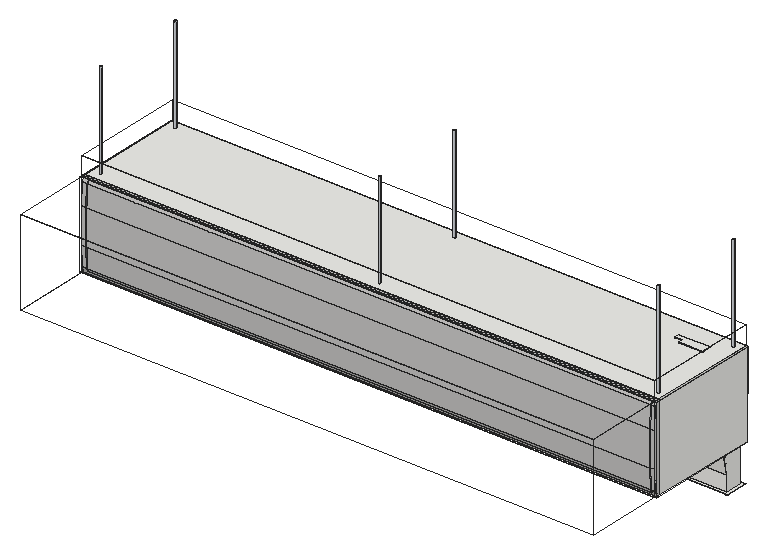
Revit family "AIRTECNICS_AIR CURTAIN_FLY KXL_AIR ONLY (A)123", category Equipos mecánicos, Revit 2016
Family settings
  Tipo de pieza = Normal
  Cota de conector redondo = Diámetro de uso
  Número OmniClass = 23.75.70.21.17
  Título OmniClass = Air Curtains
  Se basa en plano de trabajo = No
  Siempre vertical = Sí
  Corte con vacíos al cargar = No
  Compartido = No
  Punto de cálculo de habitación = No
Parameters (values of type "FLY KXL 3000 A")
  · OTHERS · [instance] = "-/ Select Supports - Inst.Maint. Space /-"  # constant formula
  · INSTALLATION CONFIGURATION · [instance] = "Horizontal"  # constant formula
  · HEATING · [instance] = "-/ Heating /-"  # constant formula
  · GRILLE TYPOLOGY · [instance] = "-/ Select one Grille Typology /-"  # constant formula
  Weight [instance] = size_lookup(Name_Lookup_Data, "Weight", 1.00 kg, CM, CT)  # 237.00 kg
  Voltage [instance] = 230 V  # constant formula
  URL_Manufacturer = "https://www.airtecnics.com"
  URL_Datasheet = "https://www.airtecnics.com/download/file/6905/fly-kxl.pdf"
  Supports Length [instance] = 500.00 mm
  Supports (Horizontal) [instance] = yes
  Revit Version = "Revit 2016 - English"  # constant formula
  Review Date = "01/19"  # constant formula
  Remote Control = "-"  # constant formula
  Product Size = if(CT = 2, "1000", if(CT = 4, "1500", if(CT = 8, "2000", if(CT = 16, "2500", if(CT = 32, "3000", "Consult Manufacturer")))))  # "3000"
  Product Reference [instance] = size_lookup(Name_Lookup_Ref, "", "Consult Manufacturer", CM, CT)  # "FLY KXL 3000 A"
  Product Heating [instance] = "Air"  # constant formula
  Product Description [instance] = size_lookup(Name_Lookup_Data, "", "Consult Manufacturer", CM, CT)  # "Specially designed for insects control at entranceways such as food establishments and industry, hospitals or clean zones.\r\nHigh velocity air barrier to prevent flying insects from entering a building.\r\nUp to 4 meters height doors according to NSF 37 standard.\r\nSelf-supporting casing construction made of galvanized steel plate, finished in structural epoxy-polyester painting white colour RAL9016 as standard. Other colours or stainless steel are available on request. \r\nLarge faceted inlet grille avoiding intensive maintenance. \r\nIncludes antiinsects outlet kit with anodized aluminium outlet vanes, airfoil shaped, adjustable from 0 to 15º each side.\r\nDouble-inlet centrifugal fans driven by an external rotor motor and low noise level. 5-speed selector. \r\n“A” type without heating, air only. \r\nIncludes Plug&Play Hand Auto control with 10m RJ45 cable and magnetical door contact. Optional: Clever control (programmable, automatic, intelligent, energy saving, Modbus RTU for BMS…)\r\nAir Volume: 15900 m3/h \r\nFans:  4,2 kW  18 A 230Vx1 50Hz\r\nDimensions: 600x650x3000 mm (depth, height, length)"
  Power Fans Factor [instance] = size_lookup(Name_Lookup_Data, "Power Fans Factor", 1, CM, CT)  # 0.97
  Power Fans [instance] = size_lookup(Name_Lookup_Data, "Power Fans", 1 kW, CM, CT)  # 4.2 kW
  Noise Level (dB(A)) [instance] = size_lookup(Name_Lookup_Data, "Noise Level (dB(A))", 1, CM, CT)  # 69
  Name_Lookup_Ref = "FLY KXL_(A)_Ref_Lookup"  # constant formula
  Name_Lookup_Data = "FLY KXL_(A)_Data_Lookup"  # constant formula
  Maximum Installation Height = 4000.00 mm  # constant formula
  Material Curtain [instance] = AIRTECNICS_White RAL 9016
  Length = L + Depth - Depth  # 3000.00 mm
  KI [instance] = yes
  K [instance] = not(KI)  # no
  IfcExportType = "CENTRIFUGALFORWARDCURVED"  # constant formula
  IfcExportAs = "IfcFanType"  # constant formula
  Horizontal [instance] = 1 = 1  # yes
  Height = 650.00 mm  # constant formula
  Frequency = 50 Hz  # constant formula
  Fans Stage = 5  # constant formula
  Family Version = "1.0"  # constant formula
  Depth = 600.00 mm  # constant formula
  Current Fans [instance] = size_lookup(Name_Lookup_Data, "Current Fans", 1 A, CM, CT)  # 18 A
  Created by = "BIMETRICAL"  # constant formula
  Control [instance] = "CH-5HW-NE"  # constant formula
  Cable = "CB10"  # constant formula
  URL = "https://www.airtecnics.com/products/air-curtain-fly-kxl"
  Modelo = "Air curtain Fly KXL"  # constant formula
  L = 3000.00 mm
  Imagen de tipo = <Ninguno>
  Fabricante = "AIRTECNICS"  # constant formula
  Description = ""
  Type Comments = "Specially designed for insects control at entranceways such as food establishments and industry, hospitals or clean zones.\r\nHigh velocity air barrier to prevent flying insects from entering a building.\r\nUp to 4 meters height doors according to NSF 37 standard.\r\nSelf-supporting casing construction made of galvanized steel plate, finished in structural epoxy-polyester painting white colour RAL9016 as standard. Other colours or stainless steel are available on request.\r\nLarge faceted inlet grille avoiding intensive maintenance.\r\nIncludes antiinsects outlet kit with anodized aluminium outlet vanes, airfoil shaped, adjustable from 0 to 15º each side.\r\nIncludes Plug&Play Hand Auto control with 10m RJ45 cable and magnetical door contact. Optional: Clever control (programmable, automatic, intelligent, energy saving, Modbus RTU for BMS…)\r\n"  # constant formula
  CT = if(L = 1000.00 mm, 2, 0) + if(L = 1500.00 mm, 4, 0) + if(L = 2000.00 mm, 8, 0) + if(L = 2500.00 mm, 16, 0) + if(L = 3000.00 mm, 32, 0)  # 32
  CM = 12  # constant formula
  BIMETRICAL Category = "Fan"  # constant formula
  BIMETRICAL = "http://www.bimetrical.com/"  # constant formula
  Aspiration/Maintenance Space [instance] = yes
  Apparent Load [instance] = size_lookup(Name_Lookup_Data, "Apparent Load", 1 VA, CM, CT)  # 4330 VA
  Airflow [instance] = size_lookup(Name_Lookup_Data, "Airflow", 1 m³/h, CM, CT)  # 15900 m³/h
  A [instance] = 1 = 1  # yes
Types (5, lengths in mm): name | Weight | Product Size | Product Reference | Product Description | Power Fans | Noise Level (dB(A)) | Length | KI | K | Current Fans | L | CT | Apparent Load | Airflow
  FLY KXL 3000 A | 237.00 kg | "3000" | "FLY KXL 3000 A" | "Specially designed for insects control at entranceways such as food establishments and industry, hospitals or clean zones.\r\nHigh velocity air barrier to prevent flying insects from entering a building.\r\nUp to 4 meters height doors according to NSF 37 standard.\r\nSelf-supporting casing construction made of galvanized steel plate, finished in structural epoxy-polyester painting white colour RAL9016 as standard. Other colours or stainless steel are available on request. \r\nLarge faceted inlet grille avoiding intensive maintenance. \r\nIncludes antiinsects outlet kit with anodized aluminium outlet vanes, airfoil shaped, adjustable from 0 to 15º each side.\r\nDouble-inlet centrifugal fans driven by an external rotor motor and low noise level. 5-speed selector. \r\n“A” type without heating, air only. \r\nIncludes Plug&Play Hand Auto control with 10m RJ45 cable and magnetical door contact. Optional: Clever control (programmable, automatic, intelligent, energy saving, Modbus RTU for BMS…)\r\nAir Volume: 15900 m3/h \r\nFans:  4,2 kW  18 A 230Vx1 50Hz\r\nDimensions: 600x650x3000 mm (depth, height, length)" | 4.2 kW | 69 | 3000.00 | yes | no | 18 A | 3000.00 | 32 | 4330 VA | 15900 m³/h
  FLY KXL 2500 A | 197.00 kg | "2500" | "FLY KXL 2500 A" | "Specially designed for insects control at entranceways such as food establishments and industry, hospitals or clean zones.\r\nHigh velocity air barrier to prevent flying insects from entering a building.\r\nUp to 4 meters height doors according to NSF 37 standard.\r\nSelf-supporting casing construction made of galvanized steel plate, finished in structural epoxy-polyester painting white colour RAL9016 as standard. Other colours or stainless steel are available on request. \r\nLarge faceted inlet grille avoiding intensive maintenance. \r\nIncludes antiinsects outlet kit with anodized aluminium outlet vanes, airfoil shaped, adjustable from 0 to 15º each side.\r\nDouble-inlet centrifugal fans driven by an external rotor motor and low noise level. 5-speed selector. \r\n“A” type without heating, air only. \r\nIncludes Plug&Play Hand Auto control with 10m RJ45 cable and magnetical door contact. Optional: Clever control (programmable, automatic, intelligent, energy saving, Modbus RTU for BMS…)\r\nAir Volume: 13250 m3/h \r\nFans:  3,5 kW  15 A 230Vx1 50Hz\r\nDimensions: 600x650x2500 mm (depth, height, length)" | 3.5 kW | 68 | 2500.00 | no | yes | 15 A | 2500.00 | 16 | 3608 VA | 13250 m³/h
  FLY KXL 2000 A | 161.00 kg | "2000" | "FLY KXL 2000 A" | "Specially designed for insects control at entranceways such as food establishments and industry, hospitals or clean zones.\r\nHigh velocity air barrier to prevent flying insects from entering a building.\r\nUp to 4 meters height doors according to NSF 37 standard.\r\nSelf-supporting casing construction made of galvanized steel plate, finished in structural epoxy-polyester painting white colour RAL9016 as standard. Other colours or stainless steel are available on request. \r\nLarge faceted inlet grille avoiding intensive maintenance. \r\nIncludes antiinsects outlet kit with anodized aluminium outlet vanes, airfoil shaped, adjustable from 0 to 15º each side.\r\nDouble-inlet centrifugal fans driven by an external rotor motor and low noise level. 5-speed selector. \r\n“A” type without heating, air only. \r\nIncludes Plug&Play Hand Auto control with 10m RJ45 cable and magnetical door contact. Optional: Clever control (programmable, automatic, intelligent, energy saving, Modbus RTU for BMS…)\r\nAir Volume: 10600 m3/h \r\nFans:  2,8 kW  12 A 230Vx1 50Hz\r\nDimensions: 600x650x2000 mm (depth, height, length)" | 2.8 kW | 67 | 2000.00 | no | yes | 12 A | 2000.00 | 8 | 2887 VA | 10600 m³/h
  FLY KXL 1500 A | 120.00 kg | "1500" | "FLY KXL 1500 A" | "Specially designed for insects control at entranceways such as food establishments and industry, hospitals or clean zones.\r\nHigh velocity air barrier to prevent flying insects from entering a building.\r\nUp to 4 meters height doors according to NSF 37 standard.\r\nSelf-supporting casing construction made of galvanized steel plate, finished in structural epoxy-polyester painting white colour RAL9016 as standard. Other colours or stainless steel are available on request. \r\nLarge faceted inlet grille avoiding intensive maintenance. \r\nIncludes antiinsects outlet kit with anodized aluminium outlet vanes, airfoil shaped, adjustable from 0 to 15º each side.\r\nDouble-inlet centrifugal fans driven by an external rotor motor and low noise level. 5-speed selector. \r\n“A” type without heating, air only. \r\nIncludes Plug&Play Hand Auto control with 10m RJ45 cable and magnetical door contact. Optional: Clever control (programmable, automatic, intelligent, energy saving, Modbus RTU for BMS…)\r\nAir Volume: 7950 m3/h \r\nFans:  2,1 kW  9 A 230Vx1 50Hz\r\nDimensions: 600x650x1500 mm (depth, height, length)" | 2.1 kW | 66 | 1500.00 | no | yes | 9 A | 1500.00 | 4 | 2165 VA | 7950 m³/h
  FLY KXL 1000 A | 80.00 kg | "1000" | "FLY KXL 1000 A" | "Specially designed for insects control at entranceways such as food establishments and industry, hospitals or clean zones.\r\nHigh velocity air barrier to prevent flying insects from entering a building.\r\nUp to 4 meters height doors according to NSF 37 standard.\r\nSelf-supporting casing construction made of galvanized steel plate, finished in structural epoxy-polyester painting white colour RAL9016 as standard. Other colours or stainless steel are available on request. \r\nLarge faceted inlet grille avoiding intensive maintenance. \r\nIncludes antiinsects outlet kit with anodized aluminium outlet vanes, airfoil shaped, adjustable from 0 to 15º each side.\r\nDouble-inlet centrifugal fans driven by an external rotor motor and low noise level. 5-speed selector. \r\n“A” type without heating, air only. \r\nIncludes Plug&Play Hand Auto control with 10m RJ45 cable and magnetical door contact. Optional: Clever control (programmable, automatic, intelligent, energy saving, Modbus RTU for BMS…)\r\nAir Volume: 5300 m3/h \r\nFans:  1,4 kW  6 A 230Vx1 50Hz\r\nDimensions: 600x650x1000 mm (depth, height, length)" | 1.4 kW | 65 | 1000.00 | no | yes | 6 A | 1000.00 | 2 | 1443 VA | 5300 m³/h
Reference planes
  plane 1 "Centro (Frontal/Posterior)": z = 0
  plane 2: y = 246.57
  plane 3 "Centro (Izquierda/Derecha)": x = 0
  plane 4: z = 0
Lines and regions (mm)
  reference lines
    curve 1: line (0, 246.57, -130) -> (0, 246.57, 0)
Dimensions and locks
  plane 4 to plane 1 "Centro (Frontal/Posterior)" = 0.00 mm
  nested 1 to nested 1 = 0.00 mm
  angle plane 1 "Centro (Frontal/Posterior)" to curve 1 = 90.00°
Nested families
  nested 1: "GEOM_FLY KLXL" at (0, 0, -130), K <- "K", KI <- "KI", Support Length <- "Supports Length", Aspiration/Maintenance Space <- "Aspiration/Maintenance Space", Supports (Horizontal) <- "Supports (Horizontal)", type "GEOM_FLY KLXL"
    with VSSL yes, VSSC yes, Supports (Horizontal) yes, Support Length 500.00 mm, Outlet Kit Length 0.00 mm, OK no, L6 30.00 mm, L4 2955.00 mm, L3 500.00 mm, L2 86.70 mm, L1* 983.00 mm, L1 1008.50 mm, KI yes, K no, Inlet Kit Length 0.00 mm, Grille none, Free Hanging yes, CG 4, CC 0, Aspiration/Maintenance Space yes, L 3000.00 mm
Connectors
  electrical at (1287.857, 410.313, 321), driven by "Voltage", driven by "Apparent Load", driven by "Power Fans Factor"
    settings: on nested 1, index 1, voltage 230 V, apparent load 4330 VA, apparent load phase1 0 VA, apparent load phase2 0 VA, apparent load phase3 0 VA, power factor 0.97, load classification "HVAC", number of poles 1, system type 30, power factor state 1, is connector primary yes, connector utility no, sub classification motor no, connector description ""
Definition of nested family "GEOM_FLY KLXL"
  Parameters (values of type "GEOM_FLY KLXL")
    VSSL [instance] = if(and([Supports (Horizontal)], Free Hanging, [Supports (Horizontal)], Support Length > 0.00 mm), 1 = 1, 1 = 0)  # yes
    VSSC [instance] = if(and([Supports (Horizontal)], Free Hanging, [Supports (Horizontal)], Support Length > 0.00 mm, L > 1000.00 mm), 1 = 1, 1 = 0)  # yes
    Supports (Horizontal) [instance] = yes
    Support Length [instance] = 100.00 mm
    Revit Version = "Revit 2016 - English"  # constant formula
    Review Date = "01/19"  # constant formula
    Material = none
    L6 [instance] = if(CG < 4, 14.40 mm, 30.00 mm)  # 30.00 mm
    L4 [instance] = L - 8.00 mm - 37.00 mm  # 2455.00 mm
    L1* [instance] = if(L < 2500.00 mm, 0.00 mm, if(L = 2500.00 mm, 825.00 mm, 983.00 mm))  # 825.00 mm
    KI [instance] = not(K)  # yes
    L2 [instance] = 86.70 mm  # constant formula
    L3 [instance] = if(Support Length = 0.00 mm, 0.00 mm, Support Length)  # 100.00 mm
    L1 [instance] = if(L < 2500.00 mm, (L / 2), if(L = 2500.00 mm, 837.50 mm, 1008.50 mm))  # 837.50 mm
    K [instance] = no
    OK [instance] = if(or(CC = 2, CC = 4, CC = 16), 1 = 1, 1 = 0)  # yes
    Grille KI = GEOM_WINDBOX LXL_GRILLE : KI
    Grille K = GEOM_WINDBOX LXL_GRILLE : KB
    Grille [instance] = if(KI, Grille KI, Grille K)  # GEOM_WINDBOX LXL_GRILLE : KI
    Free Hanging [instance] = 1 = 1  # yes
    Family Version = "1.0"  # constant formula
    Default Elevation = 1219.20 mm
    Created by = "BIMETRICAL"  # constant formula
    CG [instance] = if(KI, 4, 8)  # 4
    CC [instance] = 2
    URL = ""
    Model = "Air curtain FLY KL"  # constant formula
    L = 2500.00 mm
    Type Image = (empty or 0)
    Manufacturer = "AIRTECNICS"  # constant formula
    Outlet Kit Length [instance] = 0.00 mm  # constant formula
    Inlet Kit Length [instance] = 0.00 mm  # constant formula
    Description = "AIRTECNICS_Air curtain FLY KL"  # constant formula
    Type Comments = ""
    BIMETRICAL Category = "Fan"  # constant formula
    BIMETRICAL = "http://www.bimetrical.com/"  # constant formula
    Aspiration/Maintenance Space [instance] = no
  Types (2, lengths in mm): name | VSSL | VSSC | Supports (Horizontal) | L4 | L1* | L1 | OK | CC | L
    GEOM_FLY KLXL | yes | yes | yes | 2455.00 | 825.00 | 837.50 | yes | 2 | 2500.00
    GEOM_FLY KL | no | no | no | 2955.00 | 983.00 | 1008.50 | no | 0 | 3000.00
  Reference planes
    plane 1 "Centro (Frontal/Posterior)": z = 0
    plane 2: y = 246.57
    plane 3 "Centro (Izquierda/Derecha)": x = 0
    plane 4: z = 450
    plane 5: x = -1250
    plane 6: x = 1250
    plane 7: x = -1210
    plane 8: x = 1210
    plane 9: z = 0
    plane 10: z = 130
    plane 11: x = 1225
    plane 12: y = 531.57
    plane 13: y = -38.43
    plane 14: y = 496.57
    plane 15: y = 6.57
    plane 16: y = 496.57
    plane 17: y = 6.57
    plane 18: z = 432
    plane 19: z = 239
    plane 20: x = 1246
    plane 21: x = -1246
    plane 22: x = -1246
    plane 23: x = 1246
    plane 24: x = -1227
    plane 25: x = 1227
    plane 26: x = -420.5
    plane 27: x = -426.5
    plane 28: x = -404.5
    plane 29: x = -398.5
    plane 30: x = -412.5
    plane 31: x = -420.5
    plane 32: x = -426.5
    plane 33: x = -404.5
    plane 34: x = -398.5
    plane 35: x = -412.5
    plane 36: x = 404.5
    plane 37: x = 398.5
    plane 38: x = 420.5
    plane 39: x = 426.5
    plane 40: x = 412.5
    plane 41: z = 225
  Forms (mm)
    Extrusion 1, solid, material <- "Material"
      sketch origin (0, 0, 0) x (1, 0, 0) y (0, 1, 0)
        loop
          line (-1250, 531.57) -> (-1250, -38.43) -> (1250, -38.43) -> (1250, 531.57) -> (-1250, 531.57)
      from 0 to 450
    Extrusion 2, solid, material <- "Material"
      sketch origin (559.734, 0, 191) x (1, 0, 0) y (0, 1, 0)
        loop
          line (582.918, 430.448) -> (455.516, 430.448) -> (455.516, 426.451) -> (418.544, 426.451) -> (418.544, 403.169) -> (455.516, 403.169) -> (455.516, 381.186) -> (582.918, 381.186) -> (582.918, 430.448)
      from 260 to 259
    Extrusion 3, solid, material <- "Material"
      sketch origin (0, 90, -82) x (0, 1, 0) y (0, 0, 1)
        loop
          line (424.72, 72.4) -> (424.72, 81) -> (422.72, 81) -> (422.72, 72.4) -> (422.72, -117) -> (424.72, -117) -> (424.72, 72.4)
        loop
          line (343.648, -38.617) -> (343.648, -117) -> (345.648, -117) -> (345.648, -38.418) -> (321.634, 81) -> (319.594, 81) -> (343.648, -38.617)
      from -1226 to 1226
    Extrusion 4, solid, visible <- "VSSL", not visible
      sketch origin (-399.625, -328.372, -84.071) x (0, 1, 0) y (0, 0, 1)
        loop
          line (332.442, 36.993) -> (332.442, 4.993) -> (364.442, 4.993) -> (364.442, 36.993) -> (332.442, 36.993)
      from -22.292 to -19.292
    Extrusion 5, solid, visible <- "VSSL", not visible
      sketch origin (-405.978, -340.372, -103.071) x (0, 1, 0) y (0, 0, 1)
        loop
          line (325.442, 75.234) -> (325.442, 5.234) -> (395.442, 5.234) -> (395.442, 75.234) -> (325.442, 75.234)
      from -12.939 to -0.939
    Extrusion 6, solid, visible <- "VSSL", not visible
      sketch origin (-384.625, -328.372, -84.071) x (0, 1, 0) y (0, 0, 1)
        loop
          line (332.442, 36.993) -> (332.442, 4.993) -> (364.442, 4.993) -> (364.442, 36.993) -> (332.442, 36.993)
      from -22.292 to -19.292
    Extrusion 7, solid, not visible
      sketch origin (-1202.417, -101.872, 27.291) x (0, 1, 0) y (0, 0, 1)
        loop
          line (332.442, 37.234) -> (332.442, 5.234) -> (364.442, 5.234) -> (364.442, 37.234) -> (332.442, 37.234)
      from -3 to 3
    Extrusion 8, solid, visible <- "VSSL"
      sketch origin (-2000, -1524, 450) x (-1, 0, 0) y (0, -1, 0)
        loop
          circle (-790, -2020.57) r 5
        loop
          circle (-790, -1530.57) r 5
        loop
          circle (-3210, -1530.57) r 5
        loop
          circle (-3210, -2020.57) r 5
      from -2 to 100
    Extrusion 9, solid, visible <- "VSSC"
      sketch origin (-2000, -1524, 450) x (-1, 0, 0) y (0, -1, 0)
        loop
          circle (-2000, -1530.57) r 5
        loop
          circle (-2000, -2020.57) r 5
      from -2 to 100
    Extrusion 10, solid, visible <- "Aspiration/Maintenance Space"
      sketch origin (0, 0, 0) x (1, 0, 0) y (0, 1, 0)
        loop
          line (-1250, 531.57) -> (-1260, 531.57) -> (-1260, -68.43) -> (-1250, -68.43) -> (-1250, 531.57)
        loop
          line (1250, 531.57) -> (1250, -68.43) -> (1260, -68.43) -> (1260, 531.57) -> (1250, 531.57)
      from 0 to 450
    Extrusion 11, solid, visible <- "Aspiration/Maintenance Space"
      sketch origin (0, 0, 0) x (1, 0, 0) y (0, 1, 0)
        loop
          line (-1250, -68.43) -> (-1250, -468.43) -> (1250, -468.43) -> (1250, -68.43) -> (-1250, -68.43)
      from 0 to 450
    Extrusion 12, solid, visible <- "Aspiration/Maintenance Space"
      sketch origin (0, 0, 0) x (0, 1, 0) y (0, 0, 1)
        loop
          line (531.57, 450) -> (531.57, 550) -> (-68.43, 550) -> (-68.43, 450) -> (531.57, 450)
      from -1250 to 1250
    Extrusion 13, solid, material <- "Material"
      sketch origin (0, 433.72, -199) x (1, 0, 0) y (0, -1, 0)
        loop
          line (1227, 0) -> (-1227, 0) -> (-1227, -81) -> (1227, -81) -> (1227, 0)
        loop
          line (1246, -100) -> (1246, 19) -> (-1246, 19) -> (-1246, -100) -> (1246, -100)
      from 0 to 1
    Extrusion 14, solid, material <- "Material"
      sketch origin (0, 433.72, 0) x (1, 0, 0) y (0, -1, 0)
        loop
          line (1227, -81) -> (1227, 24.126) -> (-1227, 24.126) -> (-1227, -81) -> (1227, -81)
        loop
          line (1246, -94) -> (1246, 37.086) -> (-1246, 37.086) -> (-1246, -94) -> (1246, -94)
      from 0 to 1
    Extrusion 15, solid, material <- "Material"
      sketch origin (1477, 565.946, 1201) x (0, 1, 0) y (0, 0, 1)
        loop
          line (-51.227, -1201) -> (-156.554, -1201) -> (-132.298, -1321.617) -> (-132.298, -1400) -> (-51.227, -1400) -> (-51.227, -1209.6) -> (-51.227, -1201)
      from -250 to -251
    Extrusion 16, solid, material <- "Material"
      sketch origin (-1472.5, 565.946, 1201) x (0, 1, 0) y (0, 0, -1)
        loop
          line (-51.227, 1201) -> (-51.227, 1209.6) -> (-51.227, 1400) -> (-132.298, 1400) -> (-132.298, 1321.617) -> (-156.554, 1201) -> (-51.227, 1201)
      from -246.5 to -245.5
    Extrusion 17, solid
      sketch origin (66.939, 117.328, -205.234) x (0, 1, 0) y (0, 0, 1)
        loop
          line (318.32, 75.234) -> (318.32, 5.234) -> (395.442, 5.234) -> (395.442, 75.234) -> (318.32, 75.234)
      from -487.439 to -471.439
    Extrusion 18, solid
      sketch origin (70.292, 125.767, -186.234) x (0, 1, 0) y (0, 0, 1)
        loop
          line (349.842, 36.993) -> (349.842, 4.993) -> (385.552, 4.993) -> (385.552, 36.993) -> (349.842, 36.993)
        loop
          line (347.042, 36.993) -> (311.332, 36.993) -> (311.332, 4.993) -> (347.042, 4.993) -> (347.042, 36.993)
      from -496.792 to -490.792
    Extrusion 19, solid
      sketch origin (92.292, 125.767, -186.234) x (0, 1, 0) y (0, 0, 1)
        loop
          line (349.842, 36.993) -> (349.842, 4.993) -> (385.552, 4.993) -> (385.552, 36.993) -> (349.842, 36.993)
        loop
          line (347.042, 36.993) -> (311.332, 36.993) -> (311.332, 4.993) -> (347.042, 4.993) -> (347.042, 36.993)
      from -496.792 to -490.792
    Extrusion 20, solid, not visible
      sketch origin (66.939, 117.328, -205.234) x (0, 1, 0) y (0, 0, 1)
        loop
          line (318.32, 75.234) -> (318.32, 5.234) -> (395.442, 5.234) -> (395.442, 75.234) -> (318.32, 75.234)
      from -487.439 to -471.439
    Extrusion 21, solid, not visible
      sketch origin (70.292, 125.767, -186.234) x (0, 1, 0) y (0, 0, 1)
        loop
          line (349.842, 36.993) -> (349.842, 4.993) -> (385.552, 4.993) -> (385.552, 36.993) -> (349.842, 36.993)
        loop
          line (347.042, 36.993) -> (311.332, 36.993) -> (311.332, 4.993) -> (347.042, 4.993) -> (347.042, 36.993)
      from -496.792 to -490.792
    Extrusion 22, solid, not visible
      sketch origin (92.292, 125.767, -186.234) x (0, 1, 0) y (0, 0, 1)
        loop
          line (349.842, 36.993) -> (349.842, 4.993) -> (385.552, 4.993) -> (385.552, 36.993) -> (349.842, 36.993)
        loop
          line (347.042, 36.993) -> (311.332, 36.993) -> (311.332, 4.993) -> (347.042, 4.993) -> (347.042, 36.993)
      from -496.792 to -490.792
    Extrusion 23, solid
      sketch origin (891.939, 117.328, -205.234) x (0, 1, 0) y (0, 0, 1)
        loop
          line (318.32, 75.234) -> (318.32, 5.234) -> (395.442, 5.234) -> (395.442, 75.234) -> (318.32, 75.234)
      from -487.439 to -471.439
    Extrusion 24, solid
      sketch origin (895.292, 125.767, -186.234) x (0, 1, 0) y (0, 0, 1)
        loop
          line (349.842, 36.993) -> (349.842, 4.993) -> (385.552, 4.993) -> (385.552, 36.993) -> (349.842, 36.993)
        loop
          line (347.042, 36.993) -> (311.332, 36.993) -> (311.332, 4.993) -> (347.042, 4.993) -> (347.042, 36.993)
      from -496.792 to -490.792
    Extrusion 25, solid
      sketch origin (917.292, 125.767, -186.234) x (0, 1, 0) y (0, 0, 1)
        loop
          line (349.842, 36.993) -> (349.842, 4.993) -> (385.552, 4.993) -> (385.552, 36.993) -> (349.842, 36.993)
        loop
          line (347.042, 36.993) -> (311.332, 36.993) -> (311.332, 4.993) -> (347.042, 4.993) -> (347.042, 36.993)
      from -496.792 to -490.792
    Extrusion 26, solid
      sketch origin (-1227, -1524, -200) x (0, 0, 1) y (0, -1, 0)
        loop
          line (50.759, -1999.609) -> (18.759, -1999.609) -> (18.759, -2035.319) -> (50.759, -2035.319) -> (50.759, -1999.609)
        loop
          line (50.759, -1996.809) -> (50.759, -1961.099) -> (18.759, -1961.099) -> (18.759, -1996.809) -> (50.759, -1996.809)
      from 1 to 6
    Extrusion 27, solid
      sketch origin (1227, -1524, -200) x (0, 0, 1) y (0, -1, 0)
        loop
          line (50.759, -1999.609) -> (18.759, -1999.609) -> (18.759, -2035.319) -> (50.759, -2035.319) -> (50.759, -1999.609)
        loop
          line (50.759, -1996.809) -> (50.759, -1961.099) -> (18.759, -1961.099) -> (18.759, -1996.809) -> (50.759, -1996.809)
      from -1 to -7
    Extrusion 28, solid
      sketch origin (0, 0, 0) x (0, 1, 0) y (0, 0, 1)
        loop
          line (483.491, -140.964) -> (485.889, -195.559)
          arc (485.889, -195.559) -> (487.337, -196.945) -> (488.786, -195.559) r 1.45
          line (488.786, -195.559) -> (491.184, -140.964)
          arc (491.184, -140.964) -> (487.337, -136.945) -> (483.491, -140.964) r 3.85
        loop
          line (457.142, -140.964) -> (459.54, -195.559)
          arc (459.54, -195.559) -> (460.989, -196.945) -> (462.437, -195.559) r 1.45
          line (462.437, -195.559) -> (464.835, -140.964)
          arc (464.835, -140.964) -> (460.989, -136.945) -> (457.142, -140.964) r 3.85
      from -1221 to 1220
  Cuts and joins
    joined: Extrusion 3, Extrusion 13, Extrusion 14
  Lines and regions (mm)
    symbolic lines, visible <- "Aspiration/Maintenance Space"
      curve 1: line (-1250, 531.57, 0) -> (-1260, 531.57, 0)
      curve 2: line (-1260, 531.57, 0) -> (-1260, -68.43, 0)
      curve 3: line (-1260, -68.43, 0) -> (-1250, -68.43, 0)
      curve 4: line (-1250, -68.43, 0) -> (-1250, -268.43, 0)
      curve 5: line (-1250, -268.43, 0) -> (1250, -268.43, 0)
      curve 6: line (1250, -268.43, 0) -> (1250, -68.43, 0)
      curve 7: line (1250, -68.43, 0) -> (1260, -68.43, 0)
      curve 8: line (1260, -68.43, 0) -> (1260, 531.57, 0)
      curve 16: line (0, 531.57, 450) -> (0, 531.57, 550)
      curve 17: line (0, 531.57, 550) -> (0, -68.43, 550)
      curve 18: line (0, -68.43, 550) -> (0, -68.43, 450)
      curve 19: line (0, -68.43, 450) -> (0, -468.43, 450)
      curve 20: line (0, -468.43, 450) -> (0, -468.43, 0)
      curve 21: line (0, -468.43, 0) -> (0, -38.43, 0)
      curve 22: line (-1250, 246.57, 0) -> (-1260, 246.57, 0)
      curve 23: line (-1260, 246.57, 0) -> (-1260, 246.57, 450)
      curve 24: line (-1260, 246.57, 450) -> (-1250, 246.57, 450)
      curve 25: line (-1250, 246.57, 450) -> (-1250, 246.57, 550)
      curve 26: line (-1250, 246.57, 550) -> (1250, 246.57, 550)
      curve 27: line (1250, 246.57, 550) -> (1250, 246.57, 450)
      curve 28: line (1250, 246.57, 450) -> (1260, 246.57, 450)
      curve 29: line (1260, 246.57, 450) -> (1260, 246.57, 0)
      curve 30: line (1260, 246.57, 0) -> (1250, 246.57, 0)
      curve 31: line (1260, 531.57, 0) -> (1250, 531.57, 0)
    symbolic lines
      curve 9: line (-1250, 531.57, 0) -> (1250, 531.57, 0)
      curve 10: line (-1250, -38.43, 0) -> (-1250, 531.57, 0)
      curve 11: line (1250, -38.43, 0) -> (-1250, -38.43, 0)
      curve 12: line (1250, 531.57, 0) -> (1250, -38.43, 0)
      curve 13: line (-1250, -38.43, 0) -> (-1250, -68.43, 0)
      curve 14: line (-1250, -68.43, 0) -> (1250, -68.43, 0)
      curve 15: line (1250, -68.43, 0) -> (1250, -38.43, 0)
      curve 32: line (-1221, 491.187, -200.041) -> (1220, 491.187, -200.041)
      curve 33: line (-1221, 483.487, -200.041) -> (-1221, 491.187, -200.041)
      curve 34: line (1220, 483.487, -200.041) -> (-1221, 483.487, -200.041)
      curve 35: line (1220, 491.187, -200.041) -> (1220, 483.487, -200.041)
      curve 36: line (-1221, 464.835, -200.041) -> (1220, 464.835, -200.041)
      curve 37: line (-1221, 457.139, -200.041) -> (-1221, 464.835, -200.041)
      curve 38: line (1220, 457.139, -200.041) -> (-1221, 457.139, -200.041)
      curve 39: line (1220, 464.835, -200.041) -> (1220, 457.139, -200.041)
  Dimensions and locks
    locked: plane 4 to plane 1 "Centro (Frontal/Posterior)" at 450
    "L": plane 5 to plane 6
    locked: plane 5 to plane 7 at 40
    locked: plane 8 to plane 6 at 40
    plane 1 "Centro (Frontal/Posterior)" to plane 10 = 130.00 mm
    equal spacing: Extrusion 1 sketch curve, plane 2, Extrusion 1 sketch curve
    locked: plane 2 to Extrusion 1 sketch curve at 285
    locked: plane 11 to plane 6 at 25
    locked: Extrusion 4 sketch curve to Extrusion 4 sketch curve at 32  (x2)
    Extrusion 5 sketch curve to Extrusion 5 sketch curve = 70.00 mm
    locked: Extrusion 6 sketch curve to Extrusion 6 sketch curve at 32  (x2)
    locked: Extrusion 7 sketch curve to Extrusion 7 sketch curve at 32  (x2)
    equal spacing: plane 13, plane 2, plane 12
    plane 12 to plane 13 = 570.00 mm
    locked: plane 14 to plane 12 at 35
    locked: plane 15 to plane 14 at 490
    "L3": Extrusion 8 to plane 4
    plane 12 to plane 16 to plane 17 = 35.00 mm locked, 490.00 mm locked
    "L3": Extrusion 9 to plane 4
    locked: plane 18 to plane 4 at 18
    locked: plane 19 to plane 18 at 193
    locked: Extrusion 10 sketch curve to plane 5 at 10
    locked: plane 6 to Extrusion 10 sketch curve at 10
    locked: Extrusion 11 sketch curve to Extrusion 11 sketch curve at 400
    plane 13 to Extrusion 12 = 30.00 mm
    "L6": plane 13 to Extrusion 12 sketch curve
    "L6": Extrusion 10 sketch curve to plane 13
    "L6": plane 13 to Extrusion 10 sketch curve
    "L6": curve 14 to plane 13
    "L6": plane 13 to Extrusion 11
    plane 4 to plane 9 = 450.00 mm
    locked: Extrusion 2 to plane 4 at 1
    locked: Extrusion 2 sketch curve to Extrusion 2 sketch curve at 36.972
    locked: Extrusion 2 sketch curve to Extrusion 2 sketch curve at 127.402
    locked: Extrusion 2 sketch curve to plane 6 at 107.349
    locked: Extrusion 2 sketch curve to Extrusion 2 sketch curve at 49.262
    Extrusion 13 to plane 9 = 200.00 mm
    locked: plane 6 to plane 20 at 4
    locked: plane 21 to plane 5 at 4
    equal spacing: plane 5, plane 3 "Centro (Izquierda/Derecha)", plane 6
    locked: plane 5 to plane 22 at 4
    locked: plane 23 to plane 6 at 4
    locked: Extrusion 13 sketch curve to plane 23 at 19
    locked: plane 22 to Extrusion 13 sketch curve at 19
    locked: plane 24 to plane 5 at 23
    locked: Extrusion 16 to plane 24 at 1
    locked: plane 6 to plane 25 at 23
    locked: Extrusion 15 to plane 25 at 1
    Extrusion 17 sketch curve to Extrusion 17 sketch curve = 70.00 mm
    plane 27 to plane 26 to plane 30 to plane 28 to plane 29 = 6.00 mm locked, 8.00 mm locked, 8.00 mm locked, 6.00 mm locked
    "L1": plane 5 to plane 30
    Extrusion 20 sketch curve to Extrusion 20 sketch curve = 70.00 mm
    plane 32 to plane 31 to plane 35 to plane 33 to plane 34 = 6.00 mm locked, 8.00 mm locked, 8.00 mm locked, 6.00 mm locked
    Extrusion 23 sketch curve to Extrusion 23 sketch curve = 70.00 mm
    plane 37 to plane 36 to plane 40 to plane 38 to plane 39 = 6.00 mm locked, 8.00 mm locked, 8.00 mm locked, 6.00 mm locked  (x2)
    group 3 to group 7 = 825.00 mm
    group 3 to group 7 = 0.00 mm  (x2)
    "L1*": plane 30 to plane 40
    locked: Extrusion 18 sketch curve to Extrusion 18 sketch curve at 32  (x2)
    locked: Extrusion 18 sketch curve to Extrusion 18 sketch curve at 35.71  (x2)
    locked: Extrusion 19 sketch curve to Extrusion 19 sketch curve at 32  (x2)
    locked: Extrusion 19 sketch curve to Extrusion 19 sketch curve at 35.71  (x2)
    locked: Extrusion 21 sketch curve to Extrusion 21 sketch curve at 32  (x2)
    locked: Extrusion 21 sketch curve to Extrusion 21 sketch curve at 35.71  (x2)
    locked: Extrusion 22 sketch curve to Extrusion 22 sketch curve at 32  (x2)
    locked: Extrusion 22 sketch curve to Extrusion 22 sketch curve at 35.71  (x2)
    locked: Extrusion 24 sketch curve to Extrusion 24 sketch curve at 32  (x2)
    locked: Extrusion 24 sketch curve to Extrusion 24 sketch curve at 35.71  (x2)
    locked: Extrusion 25 sketch curve to Extrusion 25 sketch curve at 32  (x2)
    locked: Extrusion 25 sketch curve to Extrusion 25 sketch curve at 35.71  (x2)
    locked: Extrusion 26 sketch curve to Extrusion 26 sketch curve at 32  (x2)
    locked: Extrusion 26 sketch curve to Extrusion 26 sketch curve at 35.71  (x2)
    locked: Extrusion 26 to plane 24 at 6
    locked: Extrusion 27 sketch curve to Extrusion 27 sketch curve at 32  (x2)
    locked: Extrusion 27 sketch curve to Extrusion 27 sketch curve at 35.71  (x2)
    equal spacing: plane 4, plane 41, plane 9
    aligned and locked: plane 5 to Extrusion 1 sketch curve
    aligned and locked: plane 6 to Extrusion 1 sketch curve
    aligned and locked: plane 4 to Extrusion 1
    aligned and locked: plane 7 to Extrusion 8 sketch curve
    aligned and locked: plane 8 to Extrusion 8 sketch curve  (x2)
    aligned and locked: plane 3 "Centro (Izquierda/Derecha)" to Extrusion 9 sketch curve  (x2)
    aligned and locked: Extrusion 11 sketch curve to plane 5
    aligned and locked: plane 6 to Extrusion 11 sketch curve
    aligned and locked: plane 4 to Extrusion 10
    aligned and locked: plane 4 to Extrusion 11
    aligned and locked: Extrusion 12 to plane 5
    aligned and locked: Extrusion 12 to plane 6
    aligned and locked: Extrusion 10 to curve 10
    aligned and locked: curve 18 to Extrusion 12
    aligned and locked: Extrusion 12 to curve 31
    aligned and locked: Extrusion 10 to curve 31
    aligned and locked: plane 23 to Extrusion 13 sketch curve
    aligned and locked: Extrusion 13 sketch curve to plane 22
    aligned and locked: cut or joined group of Extrusion 3, Extrusion 13, Extrusion 14 to Extrusion 15
    aligned and locked: Extrusion 16 to plane 24
    aligned and locked: cut or joined group of Extrusion 3, Extrusion 13, Extrusion 14 to Extrusion 16
    aligned and locked: plane 25 to Extrusion 15
    aligned and locked: plane 23 to Extrusion 14 sketch curve
    aligned and locked: Extrusion 14 sketch curve to Extrusion 15
    aligned and locked: plane 22 to Extrusion 14 sketch curve
    aligned and locked: Extrusion 14 sketch curve to Extrusion 16
    aligned and locked: plane 27 to Extrusion 18
    aligned and locked: plane 26 to Extrusion 17
    aligned and locked: plane 26 to Extrusion 18
    aligned and locked: Extrusion 17 to plane 28
    aligned and locked: plane 28 to Extrusion 19
    aligned and locked: plane 29 to Extrusion 19
    aligned and locked: plane 37 to Extrusion 24
    aligned and locked: plane 36 to Extrusion 23
    aligned and locked: plane 36 to Extrusion 24
    aligned and locked: Extrusion 23 to plane 38
    aligned and locked: plane 38 to Extrusion 25
    aligned and locked: plane 39 to Extrusion 25
    aligned and locked: cut or joined group of Extrusion 3, Extrusion 13, Extrusion 14 to Extrusion 26
    aligned and locked: Extrusion 28 to Extrusion 27
    aligned and locked: Extrusion 28 to Extrusion 26
    aligned and locked: nested 1 to plane 6
    aligned and locked: Extrusion 28 to curve 33
    aligned and locked: curve 35 to Extrusion 28
    aligned and locked: curve 36 to Extrusion 28
    aligned and locked: curve 37 to Extrusion 28
    aligned and locked: Extrusion 28 to curve 39
  Automatic sketch dimensions
    Extrusion 5 sketch curve to Extrusion 5 sketch curve = 70.00 mm
    Extrusion 17 sketch curve to Extrusion 17 sketch curve = 77.121 mm
    Extrusion 20 sketch curve to Extrusion 20 sketch curve = 77.121 mm
    Extrusion 23 sketch curve to Extrusion 23 sketch curve = 77.121 mm
    Extrusion 18 sketch curve to Extrusion 18 sketch curve = 2.80 mm
    Extrusion 18 sketch curve to Extrusion 18 sketch curve = 0.00 mm
    Extrusion 19 sketch curve to Extrusion 19 sketch curve = 2.80 mm
    Extrusion 19 sketch curve to Extrusion 19 sketch curve = 0.00 mm
    Extrusion 21 sketch curve to Extrusion 21 sketch curve = 2.80 mm
    Extrusion 21 sketch curve to Extrusion 21 sketch curve = 0.00 mm
    Extrusion 22 sketch curve to Extrusion 22 sketch curve = 2.80 mm
    Extrusion 22 sketch curve to Extrusion 22 sketch curve = 0.00 mm
    Extrusion 24 sketch curve to Extrusion 24 sketch curve = 2.80 mm
    Extrusion 24 sketch curve to Extrusion 24 sketch curve = 0.00 mm
    Extrusion 25 sketch curve to Extrusion 25 sketch curve = 2.80 mm
    Extrusion 25 sketch curve to Extrusion 25 sketch curve = 0.00 mm
    curve 21 to level = 0.00 mm
    curve 19 to plane 4 = 0.00 mm
    curve 21 to plane 13 = 0.00 mm
    curve 16 to plane 12 = 0.00 mm
    curve 16 to plane 4 = 0.00 mm
    curve 20 to curve 18 = 400.00 mm
    curve 16 to curve 17 = 100.00 mm
    curve 22 to level = 0.00 mm
    curve 23 to plane 4 = 0.00 mm
    curve 22 to plane 5 = 0.00 mm
    curve 24 to plane 5 = 0.00 mm
    plane 6 to curve 26 = 0.00 mm
    curve 30 to level = 0.00 mm
    plane 6 to curve 30 = 0.00 mm
    curve 29 to plane 4 = 0.00 mm
    curve 24 to curve 24 = 10.00 mm
    curve 29 to plane 6 = 10.00 mm
    plane 4 to curve 26 = 100.00 mm
    Extrusion 2 sketch curve to Extrusion 2 sketch curve = 0.00 mm
    Extrusion 2 sketch curve to plane 2 = 134.616 mm
    Extrusion 2 sketch curve to Extrusion 2 sketch curve = 21.983 mm
    Extrusion 2 sketch curve to Extrusion 2 sketch curve = 23.282 mm
    Extrusion 3 sketch curve to level = 1.00 mm  (x2)
    Extrusion 3 sketch curve to plane 12 = 121.976 mm
    Extrusion 3 sketch curve to Extrusion 3 sketch curve = 2.04 mm
    Extrusion 3 sketch curve to plane 12 = 97.921 mm
    Extrusion 3 sketch curve to Extrusion 3 sketch curve = 2.00 mm  (x2)
    Extrusion 3 sketch curve to plane 12 = 18.85 mm
    Extrusion 3 sketch curve to level = 9.60 mm
    Extrusion 3 sketch curve to Extrusion 3 sketch curve = 0.00 mm  (x2)
    Extrusion 3 sketch curve to level = 120.418 mm
    Extrusion 3 sketch curve to Extrusion 3 sketch curve = 0.199 mm
    Extrusion 3 sketch curve to Extrusion 3 sketch curve = 78.383 mm
    Extrusion 8 sketch curve to plane 7 = 0.00 mm
    plane 14 to Extrusion 8 sketch curve = 0.00 mm
    Extrusion 8 sketch curve to plane 14 = 0.00 mm
    plane 15 to Extrusion 8 sketch curve = 0.00 mm
    Extrusion 8 sketch curve to plane 15 = 0.00 mm
    plane 16 to Extrusion 9 sketch curve = 0.00 mm
    plane 17 to Extrusion 9 sketch curve = 0.00 mm
    Extrusion 11 sketch curve to plane 13 = 430.00 mm
    Extrusion 13 sketch curve to plane 12 = 116.85 mm
    Extrusion 13 sketch curve to Extrusion 13 sketch curve = 19.00 mm
    Extrusion 13 sketch curve to plane 12 = 16.85 mm
    plane 12 to Extrusion 13 sketch curve = 2.15 mm
    Extrusion 14 sketch curve to plane 12 = 134.936 mm
    Extrusion 14 sketch curve to Extrusion 14 sketch curve = 12.96 mm
    Extrusion 14 sketch curve to plane 12 = 16.85 mm
    Extrusion 14 sketch curve to plane 12 = 3.85 mm
    Extrusion 15 sketch curve to level = 0.00 mm
    Extrusion 15 sketch curve to plane 12 = 122.177 mm
    Extrusion 15 sketch curve to plane 12 = 97.921 mm
    Extrusion 15 sketch curve to plane 12 = 16.85 mm
    Extrusion 15 sketch curve to Extrusion 15 sketch curve = 8.60 mm
    Extrusion 15 sketch curve to level = 120.617 mm
    Extrusion 15 sketch curve to Extrusion 15 sketch curve = 78.383 mm
    Extrusion 16 sketch curve to level = 0.00 mm
    Extrusion 16 sketch curve to plane 12 = 122.177 mm
    Extrusion 16 sketch curve to plane 12 = 97.921 mm
    Extrusion 16 sketch curve to plane 12 = 16.85 mm
    Extrusion 16 sketch curve to Extrusion 16 sketch curve = 8.60 mm
    Extrusion 16 sketch curve to level = 120.617 mm
    Extrusion 16 sketch curve to Extrusion 16 sketch curve = 78.383 mm
    Extrusion 26 sketch curve to level = 181.241 mm
    Extrusion 26 sketch curve to Extrusion 26 sketch curve = 0.00 mm
    Extrusion 26 sketch curve to plane 12 = 20.251 mm
    Extrusion 26 sketch curve to Extrusion 26 sketch curve = 2.80 mm
    Extrusion 27 sketch curve to level = 181.241 mm
    Extrusion 27 sketch curve to Extrusion 27 sketch curve = 0.00 mm
    Extrusion 27 sketch curve to plane 12 = 20.251 mm
    Extrusion 27 sketch curve to Extrusion 27 sketch curve = 2.80 mm
    Extrusion 28 sketch curve to plane 12 = 40.386 mm
    Extrusion 28 sketch curve to plane 12 = 42.784 mm
    Extrusion 28 sketch curve to Extrusion 28 sketch curve = 1.449 mm  (x4)
    Extrusion 28 sketch curve to Extrusion 28 sketch curve = 3.846 mm  (x4)
    Extrusion 28 sketch curve to Extrusion 28 sketch curve = 18.656 mm
    Extrusion 28 sketch curve to Extrusion 28 sketch curve = 23.452 mm
    Extrusion 28 sketch curve to level = 195.559 mm
    Extrusion 28 sketch curve to Extrusion 28 sketch curve = 0.00 mm  (x2)
    Extrusion 28 sketch curve to Extrusion 28 sketch curve = 0.064 mm  (x2)
    Extrusion 28 sketch curve to Extrusion 28 sketch curve = 54.595 mm
    Extrusion 28 sketch curve to Extrusion 28 sketch curve = 0.169 mm  (x2)
    curve 37 to curve 37 = 7.696 mm
    curve 36 to curve 33 = 18.652 mm
    curve 33 to curve 33 = 7.70 mm
    curve 1 to plane 12 = 0.00 mm
    plane 13 to curve 15 = 0.00 mm
    curve 3 to curve 3 = 10.00 mm
    curve 5 to curve 6 = 200.00 mm
    Extrusion 10 sketch curve to plane 5 = 0.00 mm
    Extrusion 10 sketch curve to plane 6 = 0.00 mm
    plane 12 to Extrusion 10 sketch curve = 0.00 mm
    Extrusion 10 sketch curve to plane 12 = 0.00 mm
    Extrusion 12 sketch curve to plane 12 = 0.00 mm
    Extrusion 12 sketch curve to plane 4 = 0.00 mm
    Extrusion 12 sketch curve to Extrusion 12 sketch curve = 100.00 mm
    radius of Extrusion 8 sketch curve = 5.00 mm  (x4)
    radius of Extrusion 9 sketch curve = 5.00 mm  (x2)
  Nested families
    nested 1: "GEOM_WINDBOX LXL_GRILLE" at (0, -38.43, -4.942) x (-1, 0, 0) z (0, 1, 0), L <- "L", type <- "Grille", type "KI"
      with L-50 2450.00 mm, L 2500.00 mm
  Definition of nested family "GEOM_WINDBOX LXL_GRILLE"
    Parameters (values of type "KI")
      V2 = no
      V1 = yes
      URL = "https://www.airtecnics.com/products/air-curtain-windbox-l-xl"
      Revit Version = "Revit 2016 - English"  # constant formula
      Review Date = "11/18"  # constant formula
      Model = "W"
      Material Grille = none
      Material = none
      L-50 [instance] = L - 50.00 mm  # 1950.00 mm
      L [instance] = 2000.00 mm
      Type Image = (empty or 0)
      Manufacturer = "AIRTECNICS"  # constant formula
      Family Version = "1.0"  # constant formula
      Description = "AIRTECNICS_Windbox Grille"
      Type Comments = ""
      Default Elevation = 1219.20 mm
      Created by = "BIMETRICAL"  # constant formula
      BIMETRICAL Category = "Fan"  # constant formula
      BIMETRICAL = "http://www.bimetrical.com/"  # constant formula
    Types (2, lengths in mm): name | V2 | V1 | Model | Description
      KB | yes | no | "KB" | "AIRTECNICS_Kool B Grille"
      KI | no | yes | "W" | "AIRTECNICS_Windbox Grille"
    Reference planes
      plane 1 "Centro (Frontal/Posterior)": z = 0
      plane 2: y = 229.942
      plane 3 "Centro (Izquierda/Derecha)": x = 0
      plane 4: x = -1000
      plane 5: x = 1000
      plane 6: x = -975
      plane 7: x = 975
      plane 8: y = 29.942
      plane 9: y = 429.942
      plane 10: y = 4.942
      plane 11: y = 454.942
      plane 12: z = -14.396
      plane 13: z = -24
      plane 14: z = -30
      plane 15: z = -11.3
      plane 16: y = 12.442
      plane 17: y = 447.442
    Forms (mm)
      Extrusion 1, solid, material <- "Material"
        sketch origin (0, 0, 0) x (0, 1, 0) y (0, 0, 1)
          loop
            line (4.942, 0) -> (4.942, -12.032) -> (29.869, -23) -> (139.942, -30) -> (319.869, -30) -> (429.869, -23) -> (454.942, -11.968) -> (454.942, 0) -> (4.942, 0)
        from -1000 to -975
      Extrusion 2, solid, material <- "Material"
        sketch origin (1880, 0, 0) x (0, 1, 0) y (0, 0, 1)
          loop
            line (12.442, 0) -> (12.442, -15.332) -> (29.869, -23) -> (139.942, -30) -> (319.869, -30) -> (429.869, -23) -> (447.442, -15.268) -> (447.442, 0) -> (12.442, 0)
        from -905 to -880
      Extrusion 3, solid, material <- "Material Grille"
        sketch origin (1640, 0, 0) x (0, 1, 0) y (0, 0, 1)
          loop
            line (12.442, -2.396) -> (12.442, -15.332) -> (29.869, -23) -> (139.942, -30) -> (319.869, -30) -> (429.869, -23) -> (447.442, -15.268) -> (447.442, -2.396) -> (12.442, -2.396)
        from -2615 to -665
      Extrusion 4, solid, material <- "Material"
        sketch origin (1720, 0, 0) x (0, 1, 0) y (0, 0, 1)
          loop
            line (4.942, 0) -> (4.942, -12.032) -> (12.442, -15.332) -> (12.442, 0) -> (4.942, 0)
          loop
            line (447.442, 0) -> (447.442, -15.268) -> (454.942, -11.968) -> (454.942, 0) -> (447.442, 0)
        from -2720 to -720
      Extrusion 5, solid
        sketch origin (0, 0, 12.004) x (0, 1, 0) y (0, 0, 1)
          loop
            line (29.942, -14.4) -> (429.942, -14.4) -> (429.942, -12.004) -> (29.942, -12.004) -> (29.942, -14.4)
        from -975 to 975
      Extrusion 6, solid
        sketch origin (0, 1.307, 26.947) x (0, 1, 0) y (0, 0, 1)
          loop
            line (11.135, -29.343) -> (448.885, -29.343) -> (448.885, -26.947) -> (11.135, -26.947) -> (11.135, -29.343)
        from -975 to 975
    Cuts and joins
      joined: Extrusion 1, Extrusion 2, Extrusion 4
    Dimensions and locks
      equal spacing: plane 4, plane 3 "Centro (Izquierda/Derecha)", plane 5
      "L": plane 4 to plane 5
      equal spacing: plane 6, plane 3 "Centro (Izquierda/Derecha)", plane 7
      "L-50": plane 6 to plane 7
      locked: plane 10 to plane 8 at 25
      locked: plane 9 to plane 11 at 25
      equal spacing: plane 8, plane 2, plane 9
      locked: plane 15 to plane 1 "Centro (Frontal/Posterior)" at 11.3
      locked: plane 13 to plane 1 "Centro (Frontal/Posterior)" at 24
      locked: plane 14 to plane 1 "Centro (Frontal/Posterior)" at 30
      plane 2 to Extrusion 3 = 217.50 mm
      plane 8 to plane 9 = 400.00 mm
      locked: plane 2 to plane 11 at 225
      plane 10 to plane 16 = 7.50 mm
      locked: plane 17 to plane 11 at 7.5
      aligned and locked: Extrusion 1 sketch curve to plane 10
      aligned and locked: Extrusion 1 sketch curve to plane 1 "Centro (Frontal/Posterior)"
      aligned and locked: Extrusion 1 sketch curve to plane 11
      aligned and locked: Extrusion 1 to plane 4
      aligned and locked: plane 6 to Extrusion 1
      aligned and locked: Extrusion 2 to plane 5
      aligned and locked: Extrusion 2 to plane 7
      aligned and locked: Extrusion 4 to plane 5
      aligned and locked: Extrusion 4 to plane 4
      aligned and locked: plane 7 to Extrusion 3
      aligned and locked: Extrusion 3 to plane 6
      aligned and locked: plane 11 to Extrusion 4 sketch curve
      aligned and locked: Extrusion 4 sketch curve to plane 17
      aligned and locked: Extrusion 4 sketch curve to plane 1 "Centro (Frontal/Posterior)"
      aligned and locked: Extrusion 4 sketch curve to plane 10
      aligned and locked: Extrusion 4 sketch curve to plane 16
      aligned and locked: Extrusion 2 sketch curve to plane 16
      aligned and locked: plane 14 to Extrusion 2 sketch curve
      aligned and locked: Extrusion 2 sketch curve to plane 17
      aligned and locked: Extrusion 3 sketch curve to plane 17
      aligned and locked: Extrusion 3 sketch curve to plane 16
      aligned and locked: Extrusion 5 to plane 8
      aligned and locked: plane 9 to Extrusion 5
      aligned and locked: Extrusion 5 to plane 1 "Centro (Frontal/Posterior)"
      aligned and locked: cut or joined group of Extrusion 1, Extrusion 2, Extrusion 4 to plane 1 "Centro (Frontal/Posterior)"
      aligned and locked: Extrusion 6 to plane 16
      aligned and locked: Extrusion 6 to Extrusion 3
      aligned and locked: Extrusion 6 to plane 1 "Centro (Frontal/Posterior)"
      aligned and locked: Extrusion 5 to plane 6
      aligned and locked: plane 7 to Extrusion 5
      aligned and locked: Extrusion 6 to plane 6
      aligned and locked: plane 7 to Extrusion 6
    Automatic sketch dimensions
      plane 14 to Extrusion 1 sketch curve = 0.00 mm
      Extrusion 1 sketch curve to plane 13 = 1.00 mm  (x2)
      Extrusion 1 sketch curve to plane 8 = 0.073 mm
      Extrusion 1 sketch curve to Extrusion 1 sketch curve = 110.073 mm
      Extrusion 1 sketch curve to plane 2 = 89.927 mm
      Extrusion 1 sketch curve to plane 9 = 0.073 mm
      plane 15 to Extrusion 1 sketch curve = 0.668 mm
      plane 15 to Extrusion 1 sketch curve = 0.732 mm
      Extrusion 2 sketch curve to level = 0.00 mm
      Extrusion 2 sketch curve to plane 8 = 0.073 mm
      Extrusion 2 sketch curve to plane 2 = 89.927 mm
      Extrusion 2 sketch curve to plane 13 = 1.00 mm  (x2)
      Extrusion 2 sketch curve to plane 9 = 0.073 mm
      plane 12 to Extrusion 2 sketch curve = 0.872 mm
      plane 12 to Extrusion 2 sketch curve = 0.936 mm
      plane 14 to Extrusion 3 sketch curve = 0.00 mm
      Extrusion 3 sketch curve to plane 13 = 1.00 mm  (x2)
      Extrusion 3 sketch curve to plane 8 = 0.073 mm
      Extrusion 3 sketch curve to Extrusion 3 sketch curve = 110.073 mm
      Extrusion 3 sketch curve to plane 2 = 89.927 mm
      Extrusion 3 sketch curve to plane 9 = 0.073 mm
      plane 12 to Extrusion 3 sketch curve = 0.872 mm
      plane 12 to Extrusion 3 sketch curve = 0.936 mm
      Extrusion 3 sketch curve to level = 2.396 mm
      Extrusion 4 sketch curve to level = 0.00 mm
      plane 15 to Extrusion 4 sketch curve = 0.668 mm
      plane 12 to Extrusion 4 sketch curve = 0.872 mm
      Extrusion 5 sketch curve to level = 0.00 mm
      Extrusion 5 sketch curve to plane 8 = 0.00 mm
      Extrusion 5 sketch curve to plane 9 = 0.00 mm
      Extrusion 5 sketch curve to Extrusion 5 sketch curve = 2.396 mm
      Extrusion 6 sketch curve to plane 8 = 17.50 mm
      plane 9 to Extrusion 6 sketch curve = 20.25 mm
      Extrusion 6 sketch curve to level = 2.396 mm
      Extrusion 6 sketch curve to Extrusion 6 sketch curve = 2.396 mm
      plane 2 to Extrusion 2 sketch curve = 90.00 mm
      plane 12 to Extrusion 4 sketch curve = 0.936 mm
      plane 15 to Extrusion 4 sketch curve = 0.732 mm
